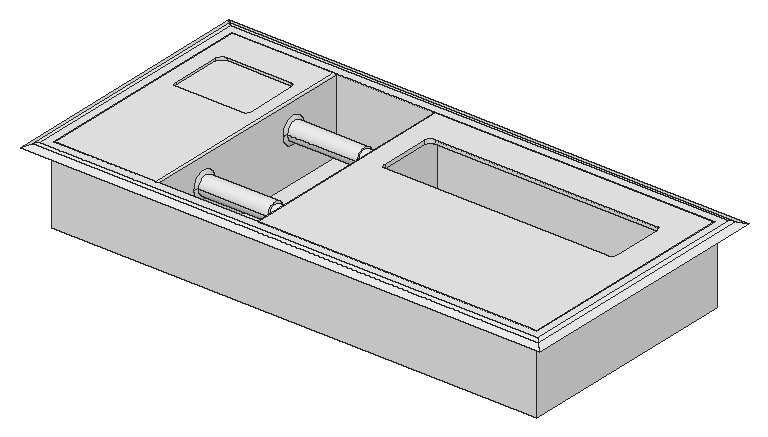
Revit family "Combination_Tissue_Toilet_Seat_Dispenser-Bobrick-ClassicSeries-B-3091", category Specialty Equipment, host Face, Revit 2014
Parameters (values of type "B-3091")
  Width = 28"  # constant formula
  URL = "http://www.bobrick.com/"
  Type Comments = ""
  Revised Date = "08/15/2019"  # constant formula
  Product Page URL = ""
  Product Documentation Link = ""
  Price = "Prices may vary. Please consult Manufacturer Representative for most up-to-date price list."  # constant formula
  Model = "B-3091"
  Material = "Stainless Steel-Bobrick-Type 304-Satin"
  Finish = Stainless Steel-Bobrick-Type 304-Satin
  Manufacturer = "Bobrick"
  Installation Type = "Surface-Mounted"
  Height = 14"  # constant formula
  Description = "ClassicSeries Recessed Toilet Seat-Cover Dispenser, Waste Disposal, and Toilet Tissue Dispenser"
  Depth = 3 15/16"  # constant formula
  Default Elevation = 17 7/8"  # constant formula
  Assembly Code = "C1030200"
  ADA Compliant = no
Reference planes (in)
  plane 1 "Center (Front/Back)": y = 0
  plane 2: z = 0
  plane 3 "Center (Left/Right)": x = 0
  plane 4: x = -14
  plane 5: y = -7
  plane 6: x = 14
  plane 7: y = 7
  plane 8: z = -3.9375
  plane 9: y = 5.96875
  plane 10: y = -5.96875
Forms (in)
  Sweep 1, solid, material "Stainless Steel-Bobrick-Type 304-Satin" <- "Finish"
    path origin (0, 0, 0) x (1, 0, 0) y (0, 1, 0)
      loop
        line (-14, 7) -> (-14, -7) -> (14, -7) -> (14, 7) -> (-14, 7)
    profile origin (0, 7, 0) x (0, 1, 0) y (0, 0, 1)
      loop
        line (0, 0) -> (-0.367941, 0.1470185)
        arc (-0.367941, 0.1470185) -> (-0.4712183, 0.1772877) -> (-0.5783543, 0.1875) r 0.56708
        line (-0.5783543, 0.1875) -> (-1, 0.1875) -> (-1, 0) -> (-1, -3.9375) -> (-0.9461049, -3.9375) -> (-0.9461049, 0) -> (0, 0)
  Extrusion 2, void
    sketch origin (0, 0, 0) x (1, 0, 0) y (0, 1, 0)
      loop
        line (-13, 6) -> (-13, -6) -> (13, -6) -> (13, 6) -> (-13, 6)
    from -3.9375 to 0
  Extrusion 3, solid, material "Stainless Steel-Bobrick-Type 304-Satin" <- "Finish"
    sketch origin (0, 0, 0) x (-1, 0, 0) y (0, 0, -1)
      loop
        line (13, 0) -> (13, 3.9375) -> (-13, 3.9375) -> (-13, 0) -> (-12.96875, 0) -> (-12.96875, -0.1875) -> (1.9960938, -0.1875)
        arc (1.9960938, -0.1875) -> (2.0651471, -0.1588971) -> (2.09375, -0.0898437) r 0.0976563
        line (2.09375, -0.0898437) -> (2.09375, 3.8050294) -> (7.40625, 3.8050294) -> (7.40625, -0.0902013)
        arc (7.40625, -0.0902013) -> (7.4347481, -0.1590019) -> (7.5035487, -0.1875) r 0.0972987
        line (7.5035487, -0.1875) -> (12.96875, -0.1875) -> (12.96875, 0) -> (13, 0)
      loop
        line (7.4803709, 3.8050294) -> (7.4803709, 0) -> (12.8583443, 0) -> (12.8583443, 3.8050294) -> (7.4803709, 3.8050294)
      loop
        line (1.9408311, 0) -> (1.9408311, 3.75) -> (-12.8091689, 3.75) -> (-12.8091689, 0) -> (1.9408311, 0)
    from -5.96875 to 5.96875
  Extrusion 4, void
    sketch origin (0, 0, 0) x (-1, 0, 0) y (0, -1, 0)
      loop
        line (-11.3385492, -4.147463) -> (0.5743006, -4.147463)
        arc (0.5743006, -4.147463) -> (0.8127018, -4.048714) -> (0.9114508, -3.8103128) r 0.3371501
        line (0.9114508, -3.8103128) -> (0.9114508, -1.147463)
        arc (0.9114508, -1.147463) -> (0.8382274, -0.9706863) -> (0.6614508, -0.897463) r 0.25
        line (0.6614508, -0.897463) -> (-11.3385492, -0.897463)
        arc (-11.3385492, -0.897463) -> (-11.5153259, -0.9706863) -> (-11.5885492, -1.147463) r 0.25
        line (-11.5885492, -1.147463) -> (-11.5885492, -3.897463)
        arc (-11.5885492, -3.897463) -> (-11.5153259, -4.0742397) -> (-11.3385492, -4.147463) r 0.25
    from -1.2207202 to 1.3281149
  Extrusion 5, void
    sketch origin (0, 0, 0) x (-1, 0, 0) y (0, -1, 0)
      loop
        line (12.1614508, -3.8103128) -> (12.1614508, -1.147463)
        arc (12.1614508, -1.147463) -> (12.0882274, -0.9706863) -> (11.9114508, -0.897463) r 0.25
        line (11.9114508, -0.897463) -> (8.3636409, -0.897463)
        arc (8.3636409, -0.897463) -> (8.1868642, -0.9706863) -> (8.1136409, -1.147463) r 0.25
        line (8.1136409, -1.147463) -> (8.1136409, -3.897463)
        arc (8.1136409, -3.897463) -> (8.1868642, -4.0742397) -> (8.3636409, -4.147463) r 0.25
        line (8.3636409, -4.147463) -> (11.8243006, -4.147463)
        arc (11.8243006, -4.147463) -> (12.0627018, -4.048714) -> (12.1614508, -3.8103128) r 0.3371501
    from 0.0771945 to 0.7725996
  Revolve 6, solid, material "Stainless Steel-Bobrick-Type 304-Satin" <- "Finish"
    sketch origin (0, 0, -1.25) x (-1, 0, 0) y (0, -1, 0)
      loop
        arc (7.3186679, -3.5962938) -> (7.3560894, -3.7074943) -> (7.40625, -3.8135595) r 1.0022413
        line (7.40625, -3.8135595) -> (7.40625, -3.1038439) -> (2.09375, -3.1038439) -> (2.09375, -3.8135595)
        arc (2.09375, -3.8135595) -> (2.1561521, -3.6755665) -> (2.1970495, -3.5297466) r 1.0022413
        line (2.1970495, -3.5297466) -> (3.5512265, -3.5297466) -> (3.5512265, -3.5962938) -> (7.3186679, -3.5962938)
      axis (2.09375, -3.1038439) -> (7.40625, -3.1038439)
    angle from 0 to 360
  Revolve 7, solid, material "Stainless Steel-Bobrick-Type 304-Satin" <- "Finish"
    sketch origin (0, -6, -1.25) x (-1, 0, 0) y (0, -1, 0)
      loop
        arc (7.3186679, -3.5962938) -> (7.3560894, -3.7074943) -> (7.40625, -3.8135595) r 1.0022413
        line (7.40625, -3.8135595) -> (7.40625, -3.1038439) -> (2.09375, -3.1038439) -> (2.09375, -3.8135595)
        arc (2.09375, -3.8135595) -> (2.1561521, -3.6755665) -> (2.1970495, -3.5297466) r 1.0022413
        line (2.1970495, -3.5297466) -> (3.5512265, -3.5297466) -> (3.5512265, -3.5962938) -> (7.3186679, -3.5962938)
      axis (2.09375, -3.1038439) -> (7.40625, -3.1038439)
    angle from 0 to 360
Cuts and joins
  Extrusion 4, Extrusion 5 cuts Sweep 1
  Extrusion 4, Extrusion 5 cuts Extrusion 3
  joined: Sweep 1, Extrusion 3, Revolve 6, Revolve 7
Lines and regions (in)
  Masking region 1
    outline origin (0, 0, 0) x (1, 0, 0) y (0, 0, 1)
      loop
        line (13.0538951, -3.9375) -> (13.0538951, 0) -> (14, 0) -> (13.632059, 0.1470185)
        arc (13.632059, 0.1470185) -> (13.5287817, 0.1772877) -> (13.4216457, 0.1875) r 0.56708
        line (13.4216457, 0.1875) -> (-13.4216457, 0.1875)
        arc (-13.4216457, 0.1875) -> (-13.5287817, 0.1772877) -> (-13.632059, 0.1470185) r 0.56708
        line (-13.632059, 0.1470185) -> (-14, 0) -> (-13.0538951, 0) -> (-13.0538951, -3.9375) -> (13.0538951, -3.9375)
  symbolic lines, detail levels medium+fine
    curve 1: line (13.0538951, 0, 0) -> (-13.0538951, 0, 0)
Dimensions and locks (in)
  equal spacing: plane 5, plane 1 "Center (Front/Back)", plane 7
  "Height": plane 5 to plane 7
  equal spacing: plane 4, plane 3 "Center (Left/Right)", plane 6
  "Width": plane 4 to plane 6
  plane 8 to level = 3 15/16"
  aligned and locked: plane 2 to host face
  aligned and locked: level to host face
Automatic sketch dimensions
  curve 1 to level = 0"
  plane 4 to curve 1 = 0.9461"
  plane 6 to curve 1 = 0.9461"
  host sketch curve to host sketch curve = 96"  (x2)
  Sweep 1 sketch curve to plane 4 = 0"
  plane 5 to Sweep 1 sketch curve = 0"
  Sweep 1 sketch curve to plane 6 = 0"
  plane 7 to Sweep 1 sketch curve = 0"
  Sweep 1 sketch curve to level = 0"  (x2)
  Sweep 1 sketch curve to profile plane = 0"
  level to Sweep 1 sketch curve = 0.14702"
  profile plane to Sweep 1 sketch curve = 0.36794"
  Sweep 1 sketch curve to Sweep 1 sketch curve = 0.21041"
  profile plane to Sweep 1 sketch curve = 0.9461"
  Sweep 1 sketch curve to Sweep 1 sketch curve = 0.0539"
  Sweep 1 sketch curve to level = 0.37958"
  Sweep 1 sketch curve to Sweep 1 sketch curve = 3.55792"
  Extrusion 2 sketch curve to plane 10 = 1/32"
  plane 4 to Extrusion 2 sketch curve = 1"
  plane 6 to Extrusion 2 sketch curve = 1"
  Extrusion 2 sketch curve to plane 9 = 1/32"
  Masking region 1 sketch curve to level = 0"  (x2)
  Masking region 1 sketch curve to plane 4 = 0"
  Masking region 1 sketch curve to plane 8 = 0"
  plane 6 to Masking region 1 sketch curve = 0"
  level to Masking region 1 sketch curve = 0.14702"  (x2)
  plane 4 to Masking region 1 sketch curve = 0.36794"
  level to Masking region 1 sketch curve = 3/16"
  Masking region 1 sketch curve to Masking region 1 sketch curve = 0.21041"  (x2)
  Masking region 1 sketch curve to Masking region 1 sketch curve = 0.36775"  (x2)
  plane 6 to Masking region 1 sketch curve = 0.9461"
  Extrusion 3 sketch curve to plane 8 = 0"
  Extrusion 3 sketch curve to level = 0"  (x4)
  Extrusion 3 sketch curve to plane 6 = 1"
  Extrusion 3 sketch curve to Extrusion 3 sketch curve = 1/32"
  Extrusion 3 sketch curve to Extrusion 3 sketch curve = 0.15958"
  plane 3 "Center (Left/Right)" to Extrusion 3 sketch curve = 1.94083"
  Extrusion 3 sketch curve to Extrusion 3 sketch curve = 0.05526"
  Extrusion 3 sketch curve to Extrusion 3 sketch curve = 0.15292"
  plane 8 to Extrusion 3 sketch curve = 0.13247"  (x2)
  Extrusion 3 sketch curve to Extrusion 3 sketch curve = 5 5/16"
  Extrusion 3 sketch curve to Extrusion 3 sketch curve = 0.07412"
  Extrusion 3 sketch curve to Extrusion 3 sketch curve = 0.0973"
  Extrusion 3 sketch curve to plane 4 = 1.14166"
  Extrusion 3 sketch curve to Extrusion 3 sketch curve = 0.11041"
  Extrusion 3 sketch curve to Extrusion 3 sketch curve = 0.14166"
  plane 8 to Extrusion 3 sketch curve = 3/16"
  Extrusion 3 sketch curve to level = 23/256"
  Extrusion 3 sketch curve to level = 0.0902"
  plane 1 "Center (Front/Back)" to Extrusion 4 sketch curve = 1.14746"
  Extrusion 4 sketch curve to plane 6 = 2.41145"
  Extrusion 4 sketch curve to Extrusion 4 sketch curve = 1/4"  (x2)
  plane 3 "Center (Left/Right)" to Extrusion 4 sketch curve = 0.5743"
  plane 3 "Center (Left/Right)" to Extrusion 4 sketch curve = 0.66145"
  Extrusion 4 sketch curve to Extrusion 4 sketch curve = 0.33715"
  Extrusion 4 sketch curve to plane 9 = 2.15844"
  plane 1 "Center (Front/Back)" to Extrusion 5 sketch curve = 1.14746"
  Extrusion 5 sketch curve to plane 4 = 5.88636"
  Extrusion 5 sketch curve to Extrusion 5 sketch curve = 1/4"  (x2)
  Extrusion 5 sketch curve to plane 4 = 2.1757"
  Extrusion 5 sketch curve to plane 4 = 2.08855"
  Extrusion 5 sketch curve to Extrusion 5 sketch curve = 0.33715"
  Extrusion 5 sketch curve to plane 9 = 2.15844"
  Revolve 6 sketch curve to plane 3 "Center (Left/Right)" = 1.21435"
  Revolve 6 sketch curve to Revolve 6 sketch curve = 0.8794"  (x2)
  Revolve 6 sketch curve to Revolve 6 sketch curve = 0.1033"
  Revolve 6 sketch curve to Revolve 6 sketch curve = 1.35418"
  Revolve 6 sketch curve to Revolve 6 sketch curve = 3.76744"
  Revolve 6 sketch curve to Revolve 6 sketch curve = 0.08758"
  plane 9 to Revolve 6 sketch curve = 2.15519"  (x2)
  Revolve 6 sketch curve to Revolve 6 sketch curve = 0.21727"
  Revolve 6 sketch curve to Revolve 6 sketch curve = 0.28381"
  Revolve 6 sketch curve to Revolve 6 sketch curve = 0.49245"
  Revolve 6 sketch curve to Revolve 6 sketch curve = 1.04252"
  Revolve 6 sketch curve to Revolve 6 sketch curve = 1/4"
  Revolve 6 sketch curve to Revolve 6 sketch curve = 0.4259"
  Revolve 7 sketch curve to plane 3 "Center (Left/Right)" = 1.21435"
  Revolve 7 sketch curve to Revolve 7 sketch curve = 0.8794"  (x2)
  Revolve 7 sketch curve to Revolve 7 sketch curve = 0.1033"
  Revolve 7 sketch curve to Revolve 7 sketch curve = 1.35418"
  Revolve 7 sketch curve to Revolve 7 sketch curve = 3.76744"
  Revolve 7 sketch curve to Revolve 7 sketch curve = 0.08758"
  plane 1 "Center (Front/Back)" to Revolve 7 sketch curve = 2.18644"  (x2)
  Revolve 7 sketch curve to Revolve 7 sketch curve = 0.21727"
  Revolve 7 sketch curve to Revolve 7 sketch curve = 0.28381"
  Revolve 7 sketch curve to Revolve 7 sketch curve = 0.49245"
  Revolve 7 sketch curve to Revolve 7 sketch curve = 1.04252"
  Revolve 7 sketch curve to Revolve 7 sketch curve = 1/4"
  Revolve 7 sketch curve to Revolve 7 sketch curve = 0.4259"
